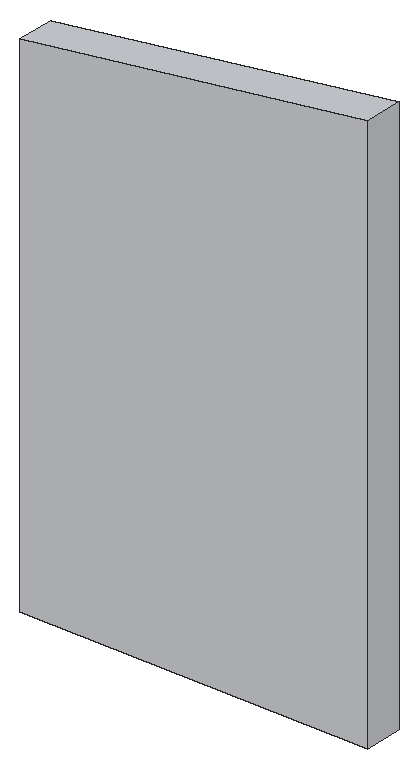
Revit family "EXP_WT-1C_CPan-011", category Curtain Panels, Revit 2021
Family settings
  OmniClass Number = 23.25.20.14.11.11.17
  OmniClass Title = Infill Panels
  Always vertical = Yes
  Cut with Voids When Loaded = No
  Shared = No
Parameters (values of type "H = Negative")
  UI-UnitNumber [instance] = "001"
  UI-Quadrant [instance] = "SE"
  UI-ProjectAbbreviation = "NEU"
  UI-ItemCategory = "PID"
  UI-FloorNumber [instance] = "03"
  PNT-WallType = "WT1C"
  PNT-ProjectAbbreviation = "NEU"
  PNT-PanelType [instance] = "01"
  PNT-ItemCategory = "PNL"
  HSX [instance] = DistanceLevel - (HModSX + CellH + DistanceAxis)  # 10' - 11"
  HModSX [instance] = 4' - 6"
  HModDX [instance] = 5' - 7"
  HDX [instance] = DistanceLevel - (HModDX + CellH + DistanceAxis)  # 9' - 10"
  GlassH1 [instance] = none
  DistanceLevel = 21' - 9"
  DistanceAxis [instance] = 4' - 10"
  Define Thermal Properties by = Schematic Type
  CellSxH [instance] = HSX + CellH  # 12' - 5"
  CellSp = 0' - 10 3/16"
  CellL [instance] = 7' - 8"
  CellH2 [instance] = 9' - 8"
  CellH [instance] = 1' - 6"
  CellDxH [instance] = HDX + CellH  # 11' - 4"
  CellAngle [instance] = 45.00°
  AncleTrapezoid [instance] = 98.0429°
  Analytic Construction = "<None>"
Reference planes (in)
  plane 1 "Center (Front/Back)": y = 0
  plane 2: z = 0
  plane 3 "Center (Left/Right)": x = 0
  plane 4 "Left": x = -46
  plane 5 "Right": x = 46
  plane 6 "Top": z = 18
  plane 7: y = -10.1875
  plane 8: z = 149
  plane 9: z = 136
Forms (in)
  Extrusion 1, solid, material <- "GlassH1"
    sketch origin (0, 0, 0) x (1, 0, 0) y (0, 0, 1)
      loop
        line (46, 149) -> (-46, 136) -> (-46, 0) -> (46, 0) -> (46, 149)
    from 0 to 10.1875
Lines and regions (in)
  reference lines
    curve 1: line (-46, 0, 136) -> (46, 0, 149)
Text (in)
  text "Exterior" at (-92.59733, 55.75508, 0), in view "Ref. Level"
  text "Exterior" at (0, 90.18664, 173.49264), in view "Left"
  text "Exterior" at (0, 52.29083, 162.21847), in view "Right"
Dimensions and locks (in)
  equal spacing: plane 4 "Left", plane 3 "Center (Left/Right)", plane 5 "Right"  (x2)
  "CellL": plane 4 "Left" to plane 5 "Right"
  "CellSp": plane 7 to plane 1 "Center (Front/Back)"
  "CellH": plane 2 to plane 6 "Top"
  "HSX": plane 6 "Top" to plane 8
  "HDX": plane 6 "Top" to plane 9
  "AncleTrapezoid": angle curve 1 to plane 4 "Left"
  aligned and locked: level to plane 2
  aligned and locked: plane 5 "Right" to Extrusion 1 sketch curve
  aligned and locked: plane 4 "Left" to Extrusion 1 sketch curve
  aligned and locked: Extrusion 1 to plane 7
  aligned and locked: plane 2 to Extrusion 1 sketch curve
Automatic sketch dimensions
  Extrusion 1 sketch curve to plane 8 = 0' - 0"
  Extrusion 1 sketch curve to plane 9 = 0' - 0"
  plane 4 "Left" to curve 1 = 0' - 0"
  curve 1 to plane 9 = 0' - 0"
